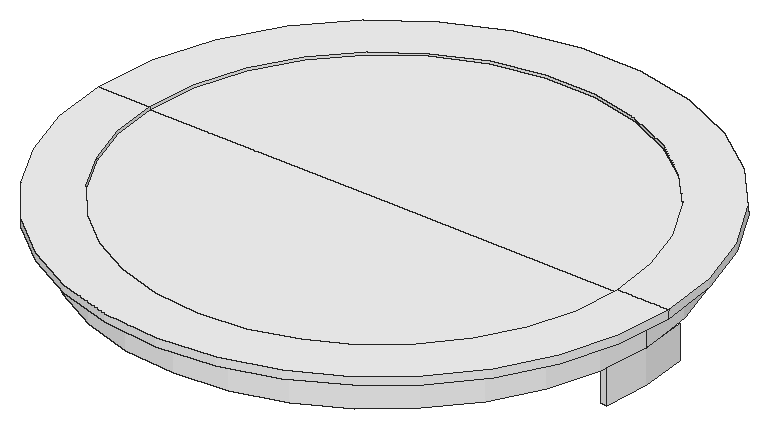
Revit family "0053896 Sylvania Lighting Fixture START eco Downlight Flat 1790lm 840 DIM", category Lighting Fixtures, host Face, Revit 2016
Family settings
  Host = Face
  Part Type = Normal
  Round Connector Dimension = Use Diameter
  OmniClass Number = 23.80.70.11.14.11
  OmniClass Title = Downlights
  Cut with Voids When Loaded = No
  Light Source = Yes
  Shared = No
  Room Calculation Point = No
Parameters (values of type "0053896 START eco Downlight Flat 1790lm 840 DIM ")
  Weight = "6.57 kg"
  Wattage Comments = "n/a"
  Wattage = 18 W
  WarrantyStartDate [instance] = "n/a"
  WarrantyGuarantorParts = "n/a"
  WarrantyDurationUnit = "year"
  WarrantyDurationParts = "n/a"
  WarrantyDescription = "n/a"
  built-in parameter 1150110 = 1 (stored number, unit not read)
  Voltage = 230 V
  URL = "http://www.feilosylvania.com"
  TypeName = "START eco Downlight Flat 1790lm 840 DIM"
  Type Image = <None>
  Type Comments = "n/a"
  built-in parameter 1114217 = 1 (stored number, unit not read)
  Tilt Angle = -90.00°
  built-in parameter 1150109 = 1 (stored number, unit not read)
  built-in parameter 1150134 = 12
  built-in parameter 1150113 = 1 (stored number, unit not read)
  SpringMountStartAngle_FEILO = -SpringMountEndAngle_FEILO  # -10.00°
  SpringMountEndAngle_FEILO = 10.00°
  SerialNumber [instance] = "n/a"
  ReflectorMaterial = none
  RecessedHeight_FEILO = 26 mm
  RecessedDiameter_FEILO = 205 mm
  PowerFactor = 0
  PowerConsumption = "18 W"
  Photometric Web File = "0053314.ies"
  NominalLength = 222 mm
  NominalHeight = 26 mm
  NominalDepth = 222 mm
  Name = "START eco Downlight Flat 1790lm 840 DIM"
  ModelReference = Name  # "START eco Downlight Flat 1790lm 840 DIM"
  ModelNumber = "0053896"
  Model = Name  # "START eco Downlight Flat 1790lm 840 DIM"
  Material = "Aluminium"
  ManufacturerName = "Feilo Sylvania"
  Manufacturer = "Feilo Sylvania"
  LuminousEfficacy = "99.44 lm/W"
  built-in parameter 1150105 = 142.44 (stored number, unit not read)
  Lumens = 1789.92 lm
  LuminaireType = "LED recessed downlight"
  built-in parameter 1150115 = 1 (stored number, unit not read)
  LightOutputRatio = "1"
  built-in parameter 1150137 = (empty or 0)
  built-in parameter 1150139 = (empty or 0)
  LampsType = Lamp  # "LED"
  LampNominalLuminous = "1790 lm"
  LampMacAdamStep = "n/a"
  LampColourTemperature = "4000 K"
  LampColourRenderingIndex = "80"
  built-in parameter 1150112 = 1 (stored number, unit not read)
  built-in parameter 1150114 = 1 (stored number, unit not read)
  Lamp = "LED"
  Keynote = "16500"
  InstallationDate [instance] = "n/a"
  InputVoltage = "220-240V~"
  InputNominalFrequency = "50/60 Hz"
  built-in parameter 1150132 = (empty or 0)
  built-in parameter 1150102 = (empty or 0)
  built-in parameter 1150107 = 4000 (stored number, unit not read)
  built-in parameter 1150138 = (empty or 0)
  IngressProtection = "IP44"
  ImpactProtectionIndex = "IK06"
  built-in parameter 1150106 = 1.4244 (stored number, unit not read)
  IfcExportType = "IfcLightFixtureType"
  IfcExportAs = "IfcLightFixtureType"
  ExpectedLife = 50000
  Emit from Circle Diameter = 182 mm
  Emit Shape Visible in Rendering = no
  ElectricShockClassification = "Class II"
  built-in parameter 1150104 = 9.2383 (stored number, unit not read)
  DurationUnit = "hours"
  DocumentationLiterature = "http://www.feilosylvania.com/product/en-int/products/0053314"
  DimmingControlOptions = "Dimmable"
  Dimming Lamp Color Temperature Shift = <None>
  DiffuserMaterial = Diffuser-Sylvania-Glow
  Description = "Integrated LED recessed downlight providing 1790 fixture lumens at a wattage of 18W giving a high efficacy of 99lm/W. Fitting includes Leading/Trailing edge phase dimmable driver and has a round ceiling cut out of 205mm with an IP20 and IK02 rating providing uniform distribution with an Opal diffuser and 110° beam angle. Provided including a Loop in Loop out box and built Built white aluminium housing."
  Default Elevation = 1219.2 mm
  CutoutHeight_FEILO = RecessedHeight_FEILO + 10 mm  # 36 mm
  CreatedOn = "'03-11-2017"
  CreatedBy = "aron.fodor@feilosylvania.com"
  Cost = 0
  Color Filter = 16777215
  built-in parameter 1114216 [instance] = (empty or 0)
  ClassificationValue = "EF_70_80"
  ClassificationName = "Uniclass2015"
  BodyWidth_FEILO = 222 mm
  BodyMaterial = Body-Sylvania-SylFlatDimmable-White
  BodyLength_FEILO = 222 mm
  BodyHeight_FEILO = 13 mm
  BarCode [instance] = "n/a"
  built-in parameter 1114218 = 1 (stored number, unit not read)
  built-in parameter 1150133 = 10 (stored number, unit not read)
  AssetType = "Fixed"
  AssetIdentifier [instance] = "n/a"
  Assembly Code = "D5020200"
  Apparent Load = 0 VA
  AccessoryMaterial = Diffuser-Sylvania-Glow
Reference planes
  plane 1 "Center (Front/Back)": y = 0
  plane 2: z = 0
  plane 3 "Center (Left/Right)": x = 0
  plane 4: x = 111
  plane 5: x = -111
  plane 6: y = 111
  plane 7: y = -111
  plane 8: z = 3
  plane 9: z = -26
  plane 10: x = 102.5
  plane 11: x = -102.5
  plane 12: y = 102.5
  plane 13: y = -102.5
  plane 14: z = 2
  plane 15: x = -91
  plane 16: z = -13
  plane 17: x = -100
  plane 18: x = 100
  plane 19: z = -36
Forms (mm)
  Revolve 1, solid, material "Body-Sylvania-SylFlatDimmable-White" <- "BodyMaterial"
    sketch origin (0, 0, 0) x (1, 0, 0) y (0, 0, 1)
      loop
        line (0, -13) -> (0, 2) -> (-91, 2) -> (-91, 3) -> (-111, 3) -> (-111, 0) -> (-102.5, 0) -> (-102.5, -13) -> (0, -13)
      axis (0, 3) -> (0, -13)
    angle from 360 to 0
  Revolve 2, solid, material "Body-Sylvania-SylFlatDimmable-White" <- "BodyMaterial"
    sketch origin (0.654, 0, 0) x (1, 0, 0) y (0, 0, 1)
      loop
        line (-103.154, -13) -> (-103.154, -26) -> (-100.654, -26) -> (-100.654, -13) -> (-103.154, -13)
      axis (-0.654, -13) -> (-0.654, -26)
    angle from -10 <- "SpringMountStartAngle_FEILO" to 10 <- "SpringMountEndAngle_FEILO"
  Revolve 3, solid, material "Body-Sylvania-SylFlatDimmable-White" <- "BodyMaterial"
    sketch origin (0, 0, 0) x (1, 0, 0) y (0, 0, 1)
      loop
        line (102.5, -13) -> (100, -13) -> (100, -26) -> (102.5, -26) -> (102.5, -13)
      axis (0, -13) -> (0, -26)
    angle from -10 <- "SpringMountStartAngle_FEILO" to 10 <- "SpringMountEndAngle_FEILO"
  Revolve 4, void
    sketch origin (0, 0, 0) x (1, 0, 0) y (0, 0, 1)
      loop
        line (0, 0) -> (-102.5, 0) -> (-102.5, -36) -> (0, -36) -> (0, 0)
      axis (0, 0) -> (0, -36)
    angle from 360 to 0
Cuts and joins
  joined: Revolve 1, Revolve 2, Revolve 3
Dimensions and locks
  equal spacing: plane 5, plane 3 "Center (Left/Right)", plane 4
  equal spacing: plane 7, plane 1 "Center (Front/Back)", plane 6
  "BodyWidth_FEILO": plane 7 to plane 6
  "BodyLength_FEILO": plane 5 to plane 4
  "RecessedHeight_FEILO": plane 2 to plane 9
  locked: plane 8 to plane 2 at 3
  equal spacing: plane 11, plane 3 "Center (Left/Right)", plane 10
  "RecessedDiameter_FEILO": plane 11 to plane 10
  equal spacing: plane 13, plane 1 "Center (Front/Back)", plane 12
  "RecessedDiameter_FEILO": plane 13 to plane 12
  locked: plane 14 to plane 2 at 2
  locked: plane 15 to plane 5 at 20
  "BodyHeight_FEILO": plane 2 to plane 16
  equal spacing: plane 18, plane 3 "Center (Left/Right)", plane 17
  locked: plane 17 to plane 11 at 2.5
  "CutoutHeight_FEILO": plane 2 to plane 19
  aligned and locked: plane 2 to host face
  aligned and locked: level to host face
  aligned and locked: plane 3 "Center (Left/Right)" to Revolve 1 sketch curve
  aligned and locked: Revolve 1 sketch curve to plane 14
  aligned and locked: plane 15 to Revolve 1 sketch curve
  aligned and locked: Revolve 1 sketch curve to plane 8
  aligned and locked: Revolve 1 sketch curve to plane 5
  aligned and locked: Revolve 1 sketch curve to plane 11
  aligned and locked: Revolve 1 sketch curve to plane 3 "Center (Left/Right)"
  aligned and locked: Revolve 1 sketch curve to level
  aligned and locked: plane 16 to Revolve 1 sketch curve
  aligned and locked: Revolve 2 sketch curve to Revolve 1  (x2)
  aligned and locked: Revolve 2 sketch curve to plane 9
  aligned and locked: Revolve 2 sketch curve to plane 17
  aligned and locked: Revolve 2 sketch curve to plane 3 "Center (Left/Right)"
  aligned and locked: Revolve 3 sketch curve to plane 3 "Center (Left/Right)"
  aligned and locked: Revolve 3 sketch curve to Revolve 1  (x2)
  aligned and locked: plane 9 to Revolve 3 sketch curve
  aligned and locked: Revolve 3 sketch curve to plane 18
  aligned and locked: Revolve 4 sketch curve to plane 3 "Center (Left/Right)"
  aligned and locked: plane 19 to Revolve 4 sketch curve
  aligned and locked: plane 3 "Center (Left/Right)" to Revolve 4 sketch curve
  aligned and locked: Revolve 4 sketch curve to plane 11
  aligned and locked: level to Revolve 4 sketch curve
  aligned and locked: imposter light to plane 14
  aligned and locked: plane 3 "Center (Left/Right)" to imposter light
  aligned and locked: imposter light to plane 1 "Center (Front/Back)"
Automatic sketch dimensions
  host sketch curve to host sketch curve = 2438.4 mm  (x2)
  plane 9 to Revolve 1 sketch curve = 587.6 mm
  Revolve 1 sketch curve to plane 8 = 2606.058 mm
  plane 9 to Revolve 2 sketch curve = 587.6 mm
  Revolve 2 sketch curve to plane 8 = 2606.058 mm
  plane 9 to Revolve 3 sketch curve = 587.6 mm
  Revolve 3 sketch curve to plane 8 = 2606.058 mm
  plane 19 to Revolve 4 sketch curve = 577.6 mm
  Revolve 4 sketch curve to plane 8 = 2606.058 mm
Connectors
  electrical at (0, 0, 0), driven by "Apparent Load", driven by "PowerFactor", driven by "Voltage"
    settings: index 1, voltage 230 V, apparent load 0 VA, apparent load phase1 0 VA, apparent load phase2 0 VA, apparent load phase3 0 VA, power factor 0, load classification "Lighting", number of poles 1, system type 30, power factor state 1, is connector primary yes, connector utility no, sub classification motor no, connector description ""
